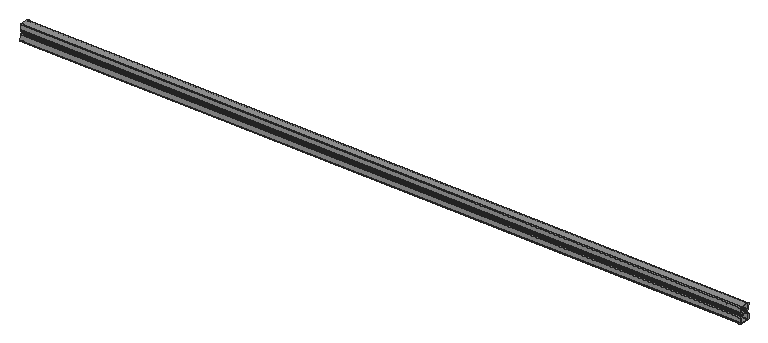
Revit family "33Z1.5x2.50 Web", category Structural Framing, Revit 2020
Family settings
  Section Shape = Not Defined
  Material for Model Behavior = Steel
  Always export as geometry = No
  OmniClass Number = 23.25.30.11.14.14
  OmniClass Title = Beams
  Always vertical = Yes
  Cut with Voids When Loaded = No
  Symbolic Representation = From Family
  Shared = No
  Show family pre-cut in plan views = Yes
Parameters
  Weight lbs per ft [instance] = 1.0438
  URL = "https://www.trussteel.com/details_files/pdf/ts010a.pdf"
  Total Member Weight lbs [instance] = Length / 1' 0" * Weight lbs per ft  # 10.438
  Structural Material = ASTM A653 SS Grade 40 G90
  Steel Design Thickness (in) [instance] = 0.0346
  Model = "33Z1.5x2.50"
  Manufacturer = "TrusSteel"
  Length [instance] = 10' - 0"
  Fy (ksi) [instance] = 40
  Fu (ksi) [instance] = 55
  Description = "Z Web"
  Cross Section Area (in2) [instance] = 0.307
  Beam Width = 0' - 1 1/2"
  Beam Height = 0' - 2 1/2"
Reference planes (in)
  plane 1 "Center (Front/Back)": y = 0
  plane 2 "Center El.": z = 0
  plane 3 "Center (Left/Right)": x = 0
  plane 4 "Left": x = -60
  plane 5 "Right": x = 60
Forms (in)
  Extrusion 1, solid, material "ASTM A653 SS Grade 40 G90"
    sketch origin (0, 0, 0) x (0, 1, 0) y (0, 0, 1)
      loop
        line (-0.75, 1.139) -> (-0.75, 0.361)
        arc (-0.75, 0.361) -> (-0.74155, 0.31852) -> (-0.71749, 0.28251) r 0.111
        line (-0.71749, 0.28251) -> (-0.45019, 0.01521)
        arc (-0.45019, 0.01521) -> (-0.41418, -0.00885) -> (-0.3717, -0.0173) r 0.111
        line (-0.3717, -0.0173) -> (0.3717, -0.0173)
        arc (0.3717, -0.0173) -> (0.40094, -0.02312) -> (0.42572, -0.03968) r 0.0764
        line (0.42572, -0.03968) -> (0.69302, -0.30698)
        arc (0.69302, -0.30698) -> (0.70958, -0.33176) -> (0.7154, -0.361) r 0.0764
        line (0.7154, -0.361) -> (0.7154, -1.139)
        arc (0.7154, -1.139) -> (0.69302, -1.19302) -> (0.639, -1.2154) r 0.0764
        line (0.639, -1.2154) -> (-0.639, -1.2154)
        arc (-0.639, -1.2154) -> (-0.69302, -1.19302) -> (-0.7154, -1.139) r 0.0764
        line (-0.7154, -1.139) -> (-0.7154, -0.361)
        arc (-0.7154, -0.361) -> (-0.69302, -0.30698) -> (-0.639, -0.2846) r 0.0764
        line (-0.639, -0.2846) -> (-0.375, -0.2846) -> (-0.375, -0.25) -> (-0.639, -0.25)
        arc (-0.639, -0.25) -> (-0.71749, -0.28251) -> (-0.75, -0.361) r 0.111
        line (-0.75, -0.361) -> (-0.75, -1.139)
        arc (-0.75, -1.139) -> (-0.71749, -1.21749) -> (-0.639, -1.25) r 0.111
        line (-0.639, -1.25) -> (0.639, -1.25)
        arc (0.639, -1.25) -> (0.71749, -1.21749) -> (0.75, -1.139) r 0.111
        line (0.75, -1.139) -> (0.75, -0.361)
        arc (0.75, -0.361) -> (0.74155, -0.31852) -> (0.71749, -0.28251) r 0.111
        line (0.71749, -0.28251) -> (0.45019, -0.01521)
        arc (0.45019, -0.01521) -> (0.41418, 0.00885) -> (0.3717, 0.0173) r 0.111
        line (0.3717, 0.0173) -> (-0.3717, 0.0173)
        arc (-0.3717, 0.0173) -> (-0.40094, 0.02312) -> (-0.42572, 0.03968) r 0.0764
        line (-0.42572, 0.03968) -> (-0.69302, 0.30698)
        arc (-0.69302, 0.30698) -> (-0.70958, 0.33176) -> (-0.7154, 0.361) r 0.0764
        line (-0.7154, 0.361) -> (-0.7154, 1.139)
        arc (-0.7154, 1.139) -> (-0.69302, 1.19302) -> (-0.639, 1.2154) r 0.0764
        line (-0.639, 1.2154) -> (0.639, 1.2154)
        arc (0.639, 1.2154) -> (0.69302, 1.19302) -> (0.7154, 1.139) r 0.0764
        line (0.7154, 1.139) -> (0.7154, 0.361)
        arc (0.7154, 0.361) -> (0.69302, 0.30698) -> (0.639, 0.2846) r 0.0764
        line (0.639, 0.2846) -> (0.375, 0.2846) -> (0.375, 0.25) -> (0.639, 0.25)
        arc (0.639, 0.25) -> (0.71749, 0.28251) -> (0.75, 0.361) r 0.111
        line (0.75, 0.361) -> (0.75, 1.139)
        arc (0.75, 1.139) -> (0.71749, 1.21749) -> (0.639, 1.25) r 0.111
        line (0.639, 1.25) -> (-0.639, 1.25)
        arc (-0.639, 1.25) -> (-0.71749, 1.21749) -> (-0.75, 1.139) r 0.111
    from -60 to 60
Dimensions and locks (in)
  equal spacing: plane 4 "Left", plane 3 "Center (Left/Right)", plane 5 "Right"
  "Length": plane 4 "Left" to plane 5 "Right"
  "Beam Width": Extrusion 1 to Extrusion 1
  "Beam Height": Extrusion 1 to Extrusion 1
  aligned and locked: level to plane 2 "Center El."
  aligned and locked: plane 4 "Left" to Extrusion 1
  aligned and locked: Extrusion 1 to plane 5 "Right"
Automatic sketch dimensions
  plane 1 "Center (Front/Back)" to Extrusion 1 sketch curve = 0' - 0 3/4"
  Extrusion 1 sketch curve to Extrusion 1 sketch curve = 0' - 0.111"  (x2)
  level to Extrusion 1 sketch curve = 0' - 1.139"
  level to Extrusion 1 sketch curve = 0' - 0.361"  (x2)
  Extrusion 1 sketch curve to plane 1 "Center (Front/Back)" = 0' - 0.639"
  Extrusion 1 sketch curve to Extrusion 1 sketch curve = 0' - 0"  (x19)
  Extrusion 1 sketch curve to Extrusion 1 sketch curve = 0' - 0.0346"
  Extrusion 1 sketch curve to Extrusion 1 sketch curve = 0' - 0.0764"  (x5)
  Extrusion 1 sketch curve to Extrusion 1 sketch curve = 0' - 0.02238"
  Extrusion 1 sketch curve to Extrusion 1 sketch curve = 0' - 0.02447"  (x4)
  level to Extrusion 1 sketch curve = 0' - 0.01521"
  Extrusion 1 sketch curve to Extrusion 1 sketch curve = 0' - 0.2673"  (x2)
  level to Extrusion 1 sketch curve = 0' - 0.03968"
  Extrusion 1 sketch curve to Extrusion 1 sketch curve = 0' - 0.05402"  (x4)
  Extrusion 1 sketch curve to Extrusion 1 sketch curve = 0' - 0.264"
  Extrusion 1 sketch curve to level = 0' - 0.01521"
  Extrusion 1 sketch curve to level = 0' - 0.30698"
  Extrusion 1 sketch curve to level = 0' - 0.28251"
  Extrusion 1 sketch curve to Extrusion 1 sketch curve = 0' - 0.778"
  plane 1 "Center (Front/Back)" to Extrusion 1 sketch curve = 0' - 0.639"
  Extrusion 1 sketch curve to level = 0' - 0.361"
  Extrusion 1 sketch curve to Extrusion 1 sketch curve = 0' - 0.0033"
